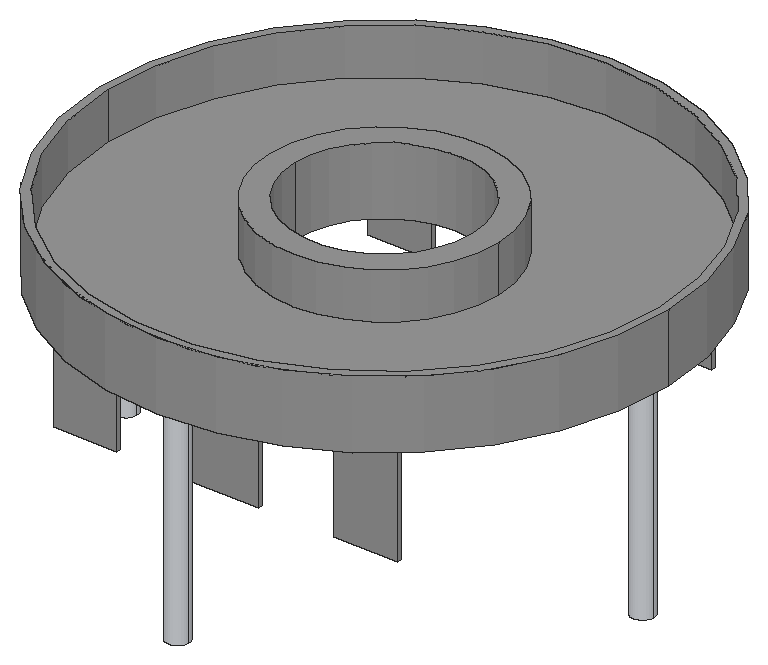
Revit family "Nivellierbare Kassette für Tubus, RKFR, 20-25, 9", category Generic Models, Revit 2015
Parameters (values of type "RKFR2 9 V25")
  URL = "http://www.obo-bettermann.com"
  Material = Stainless Steel
  Manufacturer Art.No. = "7409432"
  Manufacturer = "OBO Bettermann"
  HeightCalc = if(Height < 110 mm, 110 mm, (if(Height > 155 mm, 155 mm, Height)))  # 150 mm
  Height 1 = 36.5 mm
  Height = 150 mm
  GTIN = "4012195869566"
  Diameter 1 = 295.6 mm
  Diameter = 304 mm
  Cut depth = 25 mm
  Article Type = "RKFR2 9 V25"
Types (3, lengths in mm): name | Material | Manufacturer Art.No. | GTIN | Cut depth | Article Type
  (no name) | Stainless Steel | "7409432" | "4012195869566" | 25 | "RKFR2 9 V25"
  RKFR2 9 V20 | Stainless Steel, Polished | "7409430" | "4012195869528" | 20 | "RKFR2 9 V20"
  RKFR2 9 V25 | Stainless Steel | "7409432" | "4012195869566" | 25 | "RKFR2 9 V25"
Reference planes
  plane 1 "Center (Front/Back)": y = 0
  plane 2: z = 0
  plane 3 "Center (Left/Right)": x = 0
  plane 4: z = 113.5
  plane 5: y = 99.5
  plane 6: y = -99.5
  plane 7: z = 150
  plane 8: z = 54.7
  plane 9: z = 125
Forms (mm)
  Extrusion 1, solid
    sketch origin (0, 0, 0) x (1, 0, 0) y (0, 1, 0)
      loop
        circle (0, 138) r 6
      loop
        circle (0, -138) r 6
      loop
        circle (-138, 0) r 6
      loop
        circle (138, 0) r 6
    from 0 to 113.5
  Extrusion 2, solid, material "Stainless Steel" <- "Material"
    sketch origin (0, 0, 0) x (1, 0, 0) y (0, 1, 0)
      loop
        line (-92, 106) -> (-92, 104) -> (-58, 104) -> (-58, 106) -> (-92, 106)
      loop
        line (-18, 106) -> (-18, 104) -> (18, 104) -> (18, 106) -> (-18, 106)
      loop
        line (58, 106) -> (58, 104) -> (92, 104) -> (92, 106) -> (58, 106)
      loop
        line (-92, -104) -> (-92, -106) -> (-58, -106) -> (-58, -104) -> (-92, -104)
      loop
        line (-18, -104) -> (-18, -106) -> (18, -106) -> (18, -104) -> (-18, -104)
      loop
        line (58, -104) -> (58, -106) -> (92, -106) -> (92, -104) -> (58, -104)
    from 54.7 to 113.5
  Extrusion 3, solid, material "Stainless Steel" <- "Material"
    sketch origin (0, 0, 0) x (1, 0, 0) y (0, 1, 0)
      loop
        circle (0, 0) r 152
    from 113.5 to 150
  Extrusion 4, void
    sketch origin (0, 0, 0) x (1, 0, 0) y (0, 1, 0)
      loop
        circle (0, 0) r 147.8
      loop
        circle (0, 0) r 61
    from 125 to 150
  Extrusion 5, void
    sketch origin (0, 0, 0) x (1, 0, 0) y (0, 1, 0)
      loop
        circle (0, 0) r 47.77
    from 113.5 to 150
Cuts and joins
  Extrusion 4 cuts Extrusion 1
  Extrusion 4 cuts Extrusion 2
  Extrusion 4, Extrusion 5 cuts Extrusion 3
Dimensions and locks
  "HeightCalc": plane 7 to level
  "Height 1": plane 7 to plane 4
  locked: plane 4 to plane 8 at 58.8
  "Cut depth": plane 7 to plane 9
  locked: plane 5 to plane 6 at 199
  equal spacing: plane 5, plane 1 "Center (Front/Back)", plane 6, locked at 99.5 each
  locked: plane 1 "Center (Front/Back)" to Extrusion 1 sketch curve at 138
  locked: Extrusion 1 sketch curve to plane 1 "Center (Front/Back)" at 138
  locked: Extrusion 1 sketch curve to plane 3 "Center (Left/Right)" at 138
  locked: plane 3 "Center (Left/Right)" to Extrusion 1 sketch curve at 138
  locked: Extrusion 2 sketch curve to Extrusion 2 sketch curve at 2  (x2)
  locked: Extrusion 2 sketch curve to plane 1 "Center (Front/Back)" at 104  (x2)
  locked: Extrusion 2 sketch curve to Extrusion 2 sketch curve at 34  (x4)
  locked: Extrusion 2 sketch curve to Extrusion 2 sketch curve at 116  (x2)
  equal spacing: Extrusion 2 sketch curve, plane 3 "Center (Left/Right)", Extrusion 2 sketch curve, locked at 58 each  (x2)
  locked: Extrusion 2 sketch curve to Extrusion 2 sketch curve at 36  (x2)
  equal spacing: Extrusion 2 sketch curve, plane 3 "Center (Left/Right)", Extrusion 2 sketch curve, locked at 18 each  (x2)
  "Diameter": diameter of Extrusion 3 sketch curve
  "Diameter 1": diameter of Extrusion 4 sketch curve
  diameter of Extrusion 1 sketch curve = 12 mm  (x4)
  diameter of Extrusion 4 sketch curve = 122 mm
  diameter of Extrusion 5 sketch curve = 95.54 mm
  aligned and locked: level to plane 2
  aligned and locked: plane 4 to Extrusion 1
  aligned and locked: Extrusion 1 to Extrusion 2
  aligned and locked: Extrusion 2 to plane 8
  aligned and locked: Extrusion 3 to Extrusion 1
  aligned and locked: plane 7 to Extrusion 3
  aligned and locked: cut or joined group of Extrusion 3, Extrusion 4, Extrusion 5 to Extrusion 4
  aligned and locked: Extrusion 4 to plane 9
  aligned and locked: Extrusion 2 sketch curve to Extrusion 2 sketch curve  (x8)
  aligned and locked: Extrusion 3 to Extrusion 5  (x2)
Automatic sketch dimensions
  Extrusion 1 sketch curve to plane 3 "Center (Left/Right)" = 0 mm  (x2)
  plane 1 "Center (Front/Back)" to Extrusion 1 sketch curve = 0 mm  (x2)
  plane 1 "Center (Front/Back)" to Extrusion 3 sketch curve = 0 mm
  Extrusion 3 sketch curve to plane 3 "Center (Left/Right)" = 0 mm
  Extrusion 4 sketch curve to Extrusion 4 sketch curve = 0 mm  (x2)
  plane 1 "Center (Front/Back)" to Extrusion 4 sketch curve = 0 mm
  Extrusion 4 sketch curve to plane 3 "Center (Left/Right)" = 0 mm
  plane 1 "Center (Front/Back)" to Extrusion 5 sketch curve = 0 mm
  Extrusion 5 sketch curve to plane 3 "Center (Left/Right)" = 0 mm
